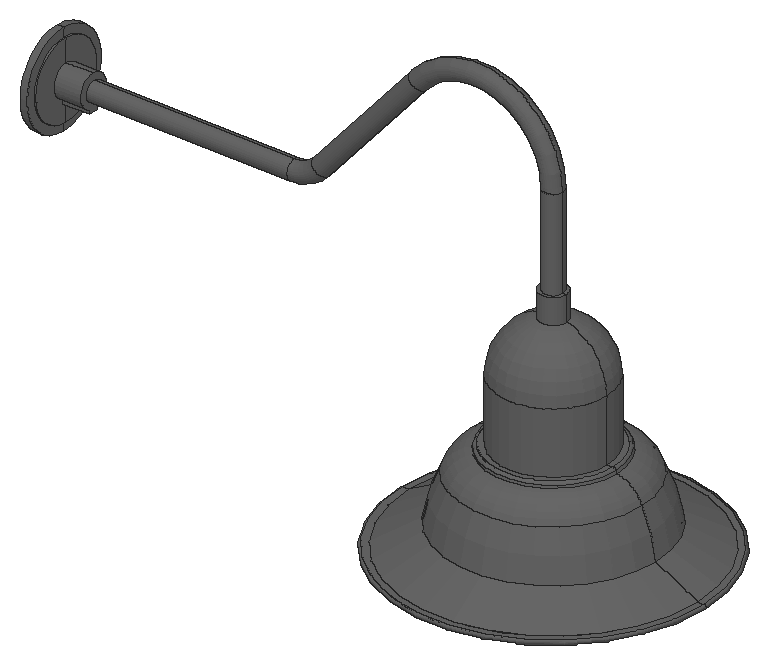
Revit family "Mini Bella Vista_Bell_LED", category Lighting Fixtures, Revit 2020 (continued)
Definition of nested family "BVA2401"
  Parameters (values of type "BVA2401")
    Light Elevation [instance] = 0' - 0"
    Default Elevation = 0' - 0"
    Body [instance] = none
    BVB2401 [instance] = yes
  Reference planes (in)
    plane 1 "Center (Front/Back)": y = 0
    plane 2: z = 0
    plane 3 "Center (Left/Right)": x = 0
    plane 4: z = 0
  Dimensions and locks (in)
    "Light Elevation": plane 4 to plane 2
    aligned and locked: plane 2 to level
    aligned and locked: plane 3 "Center (Left/Right)" to nested 1
    aligned and locked: plane 1 "Center (Front/Back)" to nested 1
    aligned and locked: plane 4 to nested 1
  Nested families (in)
    nested 1: "BVB2401-H" at (0, 0, -16), visible <- "BVB2401", Body <- "Body", BVB2401 <- "BVB2401", type "BVB2401-H"
      with Body none, BVB2401 yes
  Definition of nested family "BVB2401-H"
    Parameters (values of type "BVB2401-H")
      GLASS = none
      Default Elevation = 0' - 0"
      Body [instance] = none
      BVB2401 [instance] = yes
      BELL = none
    Reference planes (in)
      plane 1 "Center (Front/Back)": y = 0
      plane 2: z = 0
      plane 3 "Center (Left/Right)": x = 0
      plane 4: x = -12
      plane 5: x = 12
      plane 6: z = 16
    Forms (in)
      Revolve 1, solid, material <- "Body", visible <- "BVB2401"
        sketch origin (0, 0, 0) x (1, 0, 0) y (0, 0, 1)
          loop
            line (-0.69, 16.24004) -> (-1.0625, 16.24004)
            arc (-1.0625, 16.24004) -> (-3.35992, 14.72758) -> (-4.25, 12.125) r 4.25
            line (-4.25, 12.125) -> (-4.25, 11.1875)
            arc (-4.25, 11.1875) -> (-4.21143, 11.125) -> (-4.25, 11.0625) r 0.06992
            line (-4.25, 11.0625) -> (-4.25, 7.375) -> (-4.73951, 7.375)
            arc (-4.73951, 7.375) -> (-4.92003, 7.30239) -> (-5, 7.125) r 0.26071
            arc (-5, 7.125) -> (-6.22065, 6.58407) -> (-7, 5.5) r 2.5472
            arc (-7, 5.5) -> (-7.68506, 3.78939) -> (-8.125, 2) r 13.1876
            line (-8.125, 2) -> (-11.4738, 0.25) -> (-11.875, 0.25)
            arc (-11.875, 0.25) -> (-12, 0.125) -> (-11.875, 0) r 0.125
            line (-11.875, 0) -> (-11.68231, 0) -> (-8.01219, 1.91791)
            arc (-8.01219, 1.91791) -> (-7.57457, 3.72457) -> (-6.88494, 5.45081) r 13.0626
            arc (-6.88494, 5.45081) -> (-6.14769, 6.48228) -> (-4.99036, 7) r 2.4222
            line (-4.99036, 7) -> (-4.73951, 7) -> (-4.73951, 7.25) -> (-4.125, 7.25) -> (-4.125, 11.0086)
            arc (-4.125, 11.0086) -> (-4.08643, 11.125) -> (-4.125, 11.2414) r 0.19492
            line (-4.125, 11.2414) -> (-4.125, 12.125)
            arc (-4.125, 12.125) -> (-3.26592, 14.6448) -> (-1.0465, 16.11504) r 4.125
            line (-1.0465, 16.11504) -> (-0.69, 16.11504) -> (-0.69, 16.24004)
          axis (0, 16.24004) -> (0, 0)
        angle from 0 to 360
      Revolve 2, solid, material <- "Body", visible <- "BVB2401"
        sketch origin (0, 0, 0) x (1, 0, 0) y (0, 0, 1)
          loop
            line (-1, 18.99004) -> (-1, 16.24004) -> (-0.875, 16.24004) -> (-0.875, 18.99004) -> (-1, 18.99004)
          axis (0, 18.99004) -> (0, 16.24004)
        angle from 0 to 360
      Extrusion 3, void
        sketch origin (0, 0, 0) x (1, 0, 0) y (0, 0, 1)
          loop
            circle (0, 16.99004) r 0.12446
        from -1.05361 to 1.03877
      Extrusion 4, void
        sketch origin (0, 0, 1.25) x (1, 0, 0) y (0, 0, 1)
          loop
            circle (0, 16.99004) r 0.12446
        from -1.05361 to 1.03877
    Cuts and joins
      Extrusion 3, Extrusion 4 cuts Revolve 2
    Dimensions and locks (in)
      locked: plane 6 to level at 16
      locked: plane 5 to plane 4 at 24
      aligned and locked: plane 2 to level
Definition of nested family "BVA3001"
  Parameters (values of type "BVA3001")
    Light Elevation [instance] = 0' - 0"
    Default Elevation = 0' - 0"
    Body [instance] = none
    BVB3001 [instance] = yes
  Reference planes (in)
    plane 1 "Center (Front/Back)": y = 0
    plane 2: z = 0
    plane 3 "Center (Left/Right)": x = 0
    plane 4: z = 0
  Dimensions and locks (in)
    "Light Elevation": plane 4 to plane 2
    aligned and locked: plane 2 to level
    aligned and locked: plane 3 "Center (Left/Right)" to nested 1
    aligned and locked: plane 1 "Center (Front/Back)" to nested 1
    aligned and locked: plane 4 to nested 1
  Nested families (in)
    nested 1: "BVB3001" at (0, 0, -20), visible <- "BVB3001", Body <- "Body", BVB3001 <- "BVB3001", type "BVB3001"
  Definition of nested family "BVB3001"
    Parameters (values of type "BVB3001")
      GLASS = none
      Default Elevation = 0' - 0"
      Body [instance] = none
      BVB3001 [instance] = yes
      BELL = none
    Reference planes (in)
      plane 1 "Center (Front/Back)": y = 0
      plane 2: z = 0
      plane 3 "Center (Left/Right)": x = 0
      plane 4: x = -15
      plane 5: x = 15
      plane 6: z = 20
    Forms (in)
      Revolve 1, solid, material <- "Body", visible <- "BVB3001"
        sketch origin (0, 0, 0) x (1, 0, 0) y (0, 0, 1)
          loop
            line (-0.5, 20) -> (-1.33696, 20)
            arc (-1.33696, 20) -> (-4.19967, 18.10946) -> (-5.30825, 14.86287) r 5.30825
            line (-5.30825, 14.86287) -> (-5.30825, 14.43266) -> (-5.30825, 9.21137) -> (-5.2145, 9.21137) -> (-5.2145, 14.86287)
            arc (-5.2145, 14.86287) -> (-4.12605, 18.0514) -> (-1.3151, 19.90882) r 5.2145
            line (-1.3151, 19.90882) -> (-0.5, 19.90882) -> (-0.5, 20)
          axis (0, 20) -> (0, 9.21137)
        angle from 0 to 360
      Revolve 2, solid, material <- "Body", visible <- "BVB3001"
        sketch origin (0, 0, 0) x (1, 0, 0) y (0, 0, 1)
          loop
            line (-5.2145, 9.21137) -> (-5.91964, 9.21137)
            arc (-5.91964, 9.21137) -> (-6.10687, 9.14902) -> (-6.21932, 8.98686) r 0.31225
            line (-6.21932, 8.98686) -> (-6.245, 8.89912)
            arc (-6.245, 8.89912) -> (-7.76959, 8.22351) -> (-8.743, 6.8695) r 3.18146
            arc (-8.743, 6.8695) -> (-9.60628, 4.70913) -> (-10.15657, 2.44868) r 16.47131
            line (-10.15657, 2.44868) -> (-14.24484, 0.31225) -> (-14.84236, 0.31225)
            arc (-14.84236, 0.31225) -> (-14.99849, 0.15612) -> (-14.84236, 0) r 0.15613
            line (-14.84236, 0) -> (-14.63994, 0) -> (-10.07185, 2.38717)
            arc (-10.07185, 2.38717) -> (-9.52338, 4.66053) -> (-8.65671, 6.83259) r 16.37756
            arc (-8.65671, 6.83259) -> (-7.68901, 8.16803) -> (-6.17198, 8.81489) r 3.08771
            line (-6.17198, 8.81489) -> (-6.12934, 8.96052)
            arc (-6.12934, 8.96052) -> (-6.05066, 9.07399) -> (-5.91964, 9.11762) r 0.2185
            line (-5.91964, 9.11762) -> (-5.2145, 9.11762) -> (-5.2145, 9.21137)
          axis (0, 9.21137) -> (0, 0)
        angle from 0 to 360
      Revolve 3, solid, material <- "Body", visible <- "BVB3001"
        sketch origin (0, 0, 0) x (1, 0, 0) y (0, 0, 1)
          loop
            line (-1.0625, 22.59736) -> (-1.0625, 20) -> (-0.8125, 20) -> (-0.8125, 22.59736) -> (-1.0625, 22.59736)
          axis (0, 22.59736) -> (0, 20)
        angle from 0 to 360
    Dimensions and locks (in)
      plane 5 to plane 4 = 2' - 6"
      plane 6 to level = 1' - 8"
      aligned and locked: plane 2 to level
      aligned and locked: plane 6 to Revolve 1 sketch curve
      aligned and locked: Revolve 3 to plane 6
Definition of nested family "MBVB12 LED"
  Parameters (values of type "MBVB12 LED")
    MBVB12 [instance] = yes
    Light Elevation [instance] = 0' - 0"
    Default Elevation = 0' - 0"
    Body [instance] = none
  Reference planes (in)
    plane 1 "Center (Front/Back)": y = 0
    plane 2: z = 0
    plane 3 "Center (Left/Right)": x = 0
    plane 4: z = 0
  Dimensions and locks (in)
    "Light Elevation": plane 4 to plane 2
    aligned and locked: plane 2 to level
    aligned and locked: plane 3 "Center (Left/Right)" to nested 1
    aligned and locked: plane 1 "Center (Front/Back)" to nested 1
    aligned and locked: plane 4 to nested 1
  Nested families (in)
    nested 1: "MBVB12" at (0, 0, -10.625), visible <- "MBVB12", Body <- "Body", MBVB12 <- "MBVB12", type "MBVB12"
      with MBVB12 yes, Body none
  Definition of nested family "MBVB12"
    Parameters (values of type "MBVB12")
      REFLECTIVE = none
      MBVB12 [instance] = yes
      Default Elevation = 0' - 0"
      Body [instance] = none
      BELLA = none
    Reference planes (in)
      plane 1 "Center (Front/Back)": y = 0
      plane 2: z = 0
      plane 3 "Center (Left/Right)": x = 0
      plane 4: x = -6
      plane 5: x = 6
      plane 6: z = 10.625
    Forms (in)
      Revolve 1, solid, material <- "Body", visible <- "MBVB12"
        sketch origin (0, 0, 0) x (1, 0, 0) y (0, 0, 1)
          loop
            arc (-0.53125, 9.68565) -> (-1.67996, 8.92942) -> (-2.125, 7.62812) r 2.125
            line (-2.125, 7.62812) -> (-2.125, 3.6875) -> (-2.36975, 3.6875)
            arc (-2.36975, 3.6875) -> (-2.4447, 3.66254) -> (-2.48972, 3.59762) r 0.125
            line (-2.48972, 3.59762) -> (-2.49909, 3.56264)
            arc (-2.49909, 3.56264) -> (-3.10997, 3.29233) -> (-3.5, 2.75) r 1.2736
            arc (-3.5, 2.75) -> (-3.84253, 1.8947) -> (-4.0625, 1) r 6.5938
            line (-4.0625, 1) -> (-5.7369, 0.125) -> (-5.9375, 0.125)
            arc (-5.9375, 0.125) -> (-6, 0.0625) -> (-5.9375, 0) r 0.0625
            line (-5.9375, 0) -> (-5.80152, 0) -> (-3.99046, 0.94642)
            arc (-3.99046, 0.94642) -> (-3.77141, 1.85445) -> (-3.42508, 2.72196) r 6.53145
            arc (-3.42508, 2.72196) -> (-3.03825, 3.24722) -> (-2.43462, 3.49455) r 1.20723
            line (-2.43462, 3.49455) -> (-2.41368, 3.57272)
            arc (-2.41368, 3.57272) -> (-2.39772, 3.59769) -> (-2.36975, 3.6075) r 0.04543
            line (-2.36975, 3.6075) -> (-2.045, 3.6075) -> (-2.045, 7.62812)
            arc (-2.045, 7.62812) -> (-1.61671, 8.88043) -> (-0.51125, 9.60819) r 2.045
            line (-0.51125, 9.60819) -> (-0.26125, 9.60819) -> (-0.26125, 9.68565) -> (-0.53125, 9.68565)
          axis (0, 9.68565) -> (0, 0)
        angle from 0 to 360
      Revolve 2, solid, material <- "Body", visible <- "MBVB12"
        sketch origin (0, 0, 0) x (1, 0, 0) y (0, 0, 1)
          loop
            line (-0.51125, 10.625) -> (-0.51125, 9.69284) -> (-0.26125, 9.69284) -> (-0.26125, 10.625) -> (-0.51125, 10.625)
          axis (0, 10.625) -> (0, 9.69284)
        angle from 0 to 360
      Revolve 3, solid, material <- "Body", visible <- "MBVB12"
        sketch origin (0, 0, 0) x (1, 0, 0) y (0, 0, 1)
          loop
            arc (-2.43462, 3.49455) -> (-3.0378, 3.24665) -> (-3.42508, 2.72196) r 1.21151
            arc (-3.42508, 2.72196) -> (-3.77112, 1.85436) -> (-3.99046, 0.94642) r 6.56148
            line (-3.99046, 0.94642) -> (-5.80152, 0) -> (-5.66658, 0) -> (-3.93386, 0.90547)
            arc (-3.93386, 0.90547) -> (-3.71584, 1.82192) -> (-3.36761, 2.69722) r 6.49898
            arc (-3.36761, 2.69722) -> (-3.00185, 3.19542) -> (-2.4309, 3.43205) r 1.14901
            line (-2.4309, 3.43205) -> (-2.18462, 3.43205) -> (-2.18462, 3.49455) -> (-2.43462, 3.49455)
          axis (0, 3.49455) -> (0, 0)
        angle from 0 to 360
    Dimensions and locks (in)
      locked: plane 6 to level at 10.625
      locked: plane 5 to plane 4 at 12
      locked: Revolve 1 to Revolve 1 at 5.99815
      Revolve 1 sketch curve to Revolve 1 sketch curve = 0' - 5.99815"
      aligned and locked: plane 2 to level
      aligned and locked: Revolve 2 to plane 6
Definition of nested family "MBVB14 LED"
  Parameters
    MBVB14 [instance] = yes
    Light Elevation [instance] = 0' - 0"
    Default Elevation = 0' - 0"
    Body [instance] = none
  Reference planes (in)
    plane 1 "Center (Front/Back)": y = 0
    plane 2: z = 0
    plane 3 "Center (Left/Right)": x = 0
    plane 4: z = 0
  Dimensions and locks (in)
    "Light Elevation": plane 4 to plane 2
    aligned and locked: plane 2 to level
    aligned and locked: plane 3 "Center (Left/Right)" to nested 1
    aligned and locked: plane 1 "Center (Front/Back)" to nested 1
    aligned and locked: plane 4 to nested 1
  Nested families (in)
    nested 1: "MBVB14" at (0, 0, -11.25), visible <- "MBVB14", Body <- "Body", MBVB14 <- "MBVB14", type "MBVB14"
      with MBVB14 yes, Body none
  Definition of nested family "MBVB14"
    Parameters (values of type "MBVB14")
      REFLECTIVE = none
      MBVB14 [instance] = yes
      Default Elevation = 0' - 0"
      Body [instance] = none
      BELLA = none
    Reference planes (in)
      plane 1 "Center (Front/Back)": y = 0
      plane 2: z = 0
      plane 3 "Center (Left/Right)": x = 0
      plane 4: x = 7
      plane 5: x = -7
      plane 6: z = 11.25
    Forms (in)
      Revolve 1, solid, material <- "Body", visible <- "MBVB14"
        sketch origin (0, 0, 0) x (1, 0, 0) y (0, 0, 1)
          loop
            line (-2.4968, 7.93544) -> (-2.4968, 4.33055) -> (-2.76689, 4.33055)
            arc (-2.76689, 4.33055) -> (-2.85458, 4.30135) -> (-2.90725, 4.2254) r 0.14625
            line (-2.90725, 4.2254) -> (-2.91928, 4.1843)
            arc (-2.91928, 4.1843) -> (-3.63336, 3.86786) -> (-4.08928, 3.23368) r 1.49011
            arc (-4.08928, 3.23368) -> (-4.49095, 2.23014) -> (-4.74842, 1.18031) r 7.71475
            line (-4.74842, 1.18031) -> (-6.72376, 0.13) -> (-6.93111, 0.13)
            arc (-6.93111, 0.13) -> (-6.99611, 0.065) -> (-6.93111, 0) r 0.065
            line (-6.93111, 0) -> (-6.83513, 0) -> (-4.69195, 1.13955)
            arc (-4.69195, 1.13955) -> (-4.43566, 2.19786) -> (-4.03175, 3.20908) r 7.65225
            arc (-4.03175, 3.20908) -> (-3.57965, 3.83083) -> (-2.87065, 4.12797) r 1.42761
            line (-2.87065, 4.12797) -> (-2.84727, 4.20784)
            arc (-2.84727, 4.20784) -> (-2.81711, 4.25133) -> (-2.76689, 4.26805) r 0.08375
            line (-2.76689, 4.26805) -> (-2.4343, 4.26805) -> (-2.4343, 7.93544)
            arc (-2.4343, 7.93544) -> (-1.94187, 9.40177) -> (-0.66421, 10.27367) r 2.4294
            line (-0.66421, 10.27367) -> (-0.43856, 10.27367) -> (-0.43856, 10.33172) -> (-0.68856, 10.33172)
            arc (-0.68856, 10.33172) -> (-1.99402, 9.43643) -> (-2.4968, 7.93544) r 2.4919
          axis (0, 10.33172) -> (0, 0)
        angle from 0 to 360
      Revolve 2, solid, material <- "Body", visible <- "MBVB14"
        sketch origin (0, 0, 0) x (1, 0, 0) y (0, 0, 1)
          loop
            line (-0.68721, 11.25) -> (-0.68721, 10.27367) -> (-0.43856, 10.27367) -> (-0.43856, 11.25) -> (-0.68721, 11.25)
          axis (0, 11.25) -> (0, 10.27367)
        angle from 0 to 360
      Revolve 3, solid, material <- "Body", visible <- "MBVB14"
        sketch origin (0, 0, 0) x (1, 0, 0) y (0, 0, 1)
          loop
            arc (-2.87065, 4.12797) -> (-3.57857, 3.82947) -> (-4.03175, 3.20908) r 1.43793
            arc (-4.03175, 3.20908) -> (-4.43614, 2.19801) -> (-4.69195, 1.13955) r 7.60367
            line (-4.69195, 1.13955) -> (-6.83513, 0) -> (-6.702, 0) -> (-4.63531, 1.09888)
            arc (-4.63531, 1.09888) -> (-4.38082, 2.16572) -> (-3.97427, 3.18438) r 7.54117
            arc (-3.97427, 3.18438) -> (-3.54246, 3.77834) -> (-2.86658, 4.06547) r 1.37543
            line (-2.86658, 4.06547) -> (-2.62065, 4.06547) -> (-2.62065, 4.12797) -> (-2.87065, 4.12797)
          axis (0, 4.12797) -> (0, 0)
        angle from 0 to 360
    Dimensions and locks (in)
      plane 6 to level = 0' - 11 1/4"
      plane 4 to plane 5 = 1' - 2"
      Revolve 1 to Revolve 1 = 0' - 6.00117"
      locked: Revolve 1 sketch curve to Revolve 1 sketch curve at 6.00117
      aligned and locked: plane 2 to level
      aligned and locked: Revolve 2 to Revolve 1
      aligned and locked: Revolve 2 to plane 6
Types (7): name | Weight | Wattage Comments | Wattage | URL | Photometric Web File | Model | MBVB16 | MBVB14 | MBVB12 | built-in parameter 1150105 | Lumens | Light Source Height | Light Elevation_3 | Light Elevation _2 | Led Platfrom | Inside platform Radius | Inside Platform Dia | built-in parameter 1150132 | built-in parameter 1150106 | INside Platfrom Height | Fixture Height | Fixture Diameter | built-in parameter 1150104 | CRI | Bulb_1 | BVB3001 | BVB2401 | BVB2001 | Apparent Load
  (no name) | "2.6 lb" | "24W" | 2.4 W | "https://www.anplighting.com/assets/Uploads/product-attachments/specification-sheets/ANP-Specification-Sheet-RLM-LED-MBVB16.pdf" | "MBVA16E040LDST540K.ies" | "MBVB16" | yes | no | no | 3000 (stored number, unit not read) | 3000 lm | 0' - 5" | 0' - 5 103/128" | 1' - 0 1/4" | no | 0' - 10" | 1' - 8" | 2 | 30 (stored number, unit not read) | 0' - 5 103/128" | 1' - 0 1/4" | 1' - 4" | 116.13 (stored number, unit not read) | ">90" | yes | no | no | no | 24 VA
  BVB2001 | "16.0 lb" | "78W" | 78 W | "https://www.anplighting.com/assets/Uploads/product-attachments/specification-sheets/ANP-Specification-Sheet-LED-BVB2001-v4.pdf" | "BVB2001CPM78W30T540K.ies" | "BVB2001" | no | no | no | 10764 (stored number, unit not read) | 10764 lm | 0' - 2 1/2" | 0' - 3 33/64" | 1' - 2 1/2" | yes | 0' - 9" | 1' - 6" | (empty or 0) | 107.64 (stored number, unit not read) | 0' - 3 33/64" | 1' - 2 1/2" | 1' - 8" | 12.821 (stored number, unit not read) | ">80" | no | no | no | yes | 78 VA
  BVB2401 | "19.0 lb" | "78W" | 78 W | "https://www.anplighting.com/assets/Uploads/product-attachments/specification-sheets/ANP-Specification-Sheet-LED-BVB2401-v2.pdf" | "BVB2401CPM78W30T540K.ies" | "BVB2401" | no | no | no | 10764 (stored number, unit not read) | 10764 lm | 0' - 2 1/2" | 0' - 2 49/64" | 1' - 7" | yes | 0' - 11" | 1' - 10" | (empty or 0) | 107.64 (stored number, unit not read) | 0' - 2 49/64" | 1' - 4" | 2' - 0" | 12.821 (stored number, unit not read) | ">80" | no | no | yes | no | 78 VA
  BVB3001 | "25.0 lb" | "78W" | 78 W | "https://www.anplighting.com/assets/Uploads/product-attachments/specification-sheets/ANP-Specification-Sheet-LED-BVB3001-v2.pdf" | "BVB3001CPM78W30T540K.ies" | "BVB3001" | no | no | no | 856.57 (stored number, unit not read) | 10764 lm | 0' - 2 1/2" | 0' - 3 33/64" | 1' - 10 153/256" | yes | 1' - 1 3/4" | 2' - 3 1/2" | (empty or 0) | 8.5657 (stored number, unit not read) | 0' - 3 33/64" | 1' - 8" | 2' - 6" | 12.821 (stored number, unit not read) | ">80" | no | yes | no | no | 78 VA
  MBVB12 | "2.15 lb" | "16W" | 1.6 W | "https://www.anplighting.com/assets/Uploads/product-attachments/specification-sheets/ANP-Specification-Sheet-RLM-LED-MBVB12.pdf" | "MBVB12M016LDDW40K-IES.ies" | "MBVB12" | no | no | yes | 2000 (stored number, unit not read) | 2000 lm | 0' - 2 1/2" | 0' - 4 23/128" | 0' - 10 5/8" | no | 0' - 10" | 1' - 8" | 2 | 20 (stored number, unit not read) | 0' - 4 23/128" | 0' - 10 5/8" | 1' - 0" | 116.13 (stored number, unit not read) | ">90" | yes | no | no | no | 16 VA
  MBVB14 | "2.3 lb" | "24W" | 2.4 W | "https://www.anplighting.com/assets/Uploads/product-attachments/specification-sheets/ANP-Specification-Sheet-RLM-LED-MBVB14.pdf" | "MBVB16E030LDST540K.ies" | "MBVB14" | no | yes | no | 3000 (stored number, unit not read) | 3000 lm | 0' - 4 1/2" | 0' - 4 103/128" | 0' - 11 1/4" | no | 0' - 10" | 1' - 8" | 2 | 30 (stored number, unit not read) | 0' - 4 103/128" | 0' - 11 1/4" | 1' - 2" | 116.13 (stored number, unit not read) | ">90" | yes | no | no | no | 24 VA
  MBVB16 | "2.6 lb" | "24W" | 2.4 W | "https://www.anplighting.com/assets/Uploads/product-attachments/specification-sheets/ANP-Specification-Sheet-RLM-LED-MBVB16.pdf" | "MBVA16E040LDST540K.ies" | "MBVB16" | yes | no | no | 3000 (stored number, unit not read) | 3000 lm | 0' - 5" | 0' - 5 103/128" | 1' - 0 1/4" | no | 0' - 10" | 1' - 8" | 2 | 30 (stored number, unit not read) | 0' - 5 103/128" | 1' - 0 1/4" | 1' - 4" | 116.13 (stored number, unit not read) | ">90" | yes | no | no | no | 24 VA
